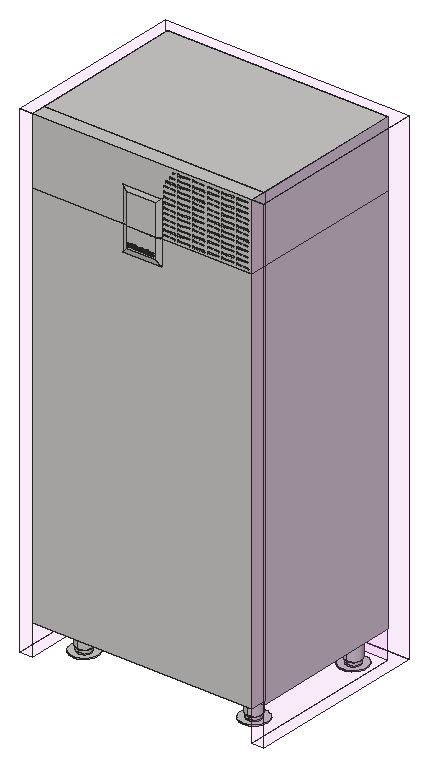
Revit family "QF_ELECTROLUXPROFESSIONAL_691393_PS09F1FMH", category Specialty Equipment, Revit 2021
Family settings
  Round Connector Dimension = Use Diameter
  Part Type = Normal
  Work Plane-Based = No
  Always vertical = Yes
  Cut with Voids When Loaded = No
  Shared = No
  Room Calculation Point = No
Parameters
  Weight = 110.00 lbm
  Watts = 0 W
  Volts = 220 V
  URL Manufacturer = "http://www.electroluxprofessional.com"
  URL = "http://www.electroluxprofessional.com"
  Steam Supply Size = 0"
  Steam Supply Minimum Pressure = 0.00 psi
  Steam Supply Maximum Pressure = 0.00 psi
  Steam Pounds per Hour = 0
  Show Clearance [instance] = yes
  Refrigeration Suction Line Size = 0"
  Refrigeration Liquid Line Size = 0"
  Refrigerant Compressor Remote = yes
  Phase = 1
  Model = "PS09F1FMH"
  Manufacturer = "Electrolux Professional"
  Length Actual = 900 mm
  Item Number = "691393"
  Hot Water Size = 0"
  Height Actual = 2040 mm
  HP = "0.7 HP"
  Gas Size = 0"
  Gas KW = 0
  Gas Input Pressure = 0.0 Btu/h
  Direct Waste Size = 0"
  Description = "1-DOOR FREEZER 720L -15/-22°C, PROSTORE, R290, MARINE "
  Depth Actual = 700 mm
  Default Elevation = 0 mm
  Cycle = 50 Hz
  Condensate Return Size = 0"
  Compressed Air Volume = 0 GPM
  Compressed Air Size = 0"
  Compressed Air Pressure = 0.00 psi
  Cold Water Size = 0"
  Accessory = no
Reference planes
  plane 1 "BACK": y = 0
  plane 2: z = 0
  plane 3 "LEFT": x = 0
  plane 4 "RIGHT": x = 900
  plane 5 "FRONT": y = -700
  plane 6 "TOP": z = 2040
  plane 7 "Center Y": x = 450
  plane 8 "Center X": y = -350
  plane 9: x = 102
  plane 10: x = 798
  plane 11: z = 115
  plane 12: z = 86
  plane 13: y = -80
  plane 14: y = -694
  plane 15: y = -1527
  plane 16: y = -630
  plane 17: z = 1770
  plane 18: x = -50
  plane 19: y = 50
  plane 20: x = 950
  plane 21: z = 1995
Forms (mm)
  Extrusion 1, solid, material "QF_Metal - Stainless - Polished"
    sketch origin (0, 0, 0) x (1, 0, 0) y (0, 0, 1)
      loop
        line (0, 1995) -> (0, 1725) -> (900, 1725) -> (900, 1995) -> (0, 1995)
    from 0 to 630
  Extrusion 2, solid, material "QF_Metal - Stainless - Polished"
    sketch origin (0, 0, 0) x (1, 0, 0) y (0, 0, 1)
      loop
        line (0, 1725) -> (0, 115) -> (900, 115) -> (900, 1725) -> (0, 1725)
    from 0 to 630
  Extrusion 3, solid, material "QF_Metal - Stainless - Polished"
    sketch origin (-370, 0, -128) x (1, 0, 0) y (0, 0, 1)
      loop
        circle (450, 1847.083) r 20
    from -7.507 to 0
  Extrusion 4, solid, material "QF_Door-Drawer Clearances", visible <- "Show Clearance", detail levels coarse
    sketch origin (0, 0, 0) x (1, 0, 0) y (0, 1, 0)
      loop
        line (900, -694) -> (0, -694)
        arc (0, -694) -> (275.209, -1299.35) -> (900, -1527) r 859.201
        line (900, -1527) -> (900, -694)
    from 127.536 to 1725
  Extrusion 5, solid, material "QF_Metal - Stainless - Polished"
    sketch origin (0, 130.478, -45) x (1, 0, 0) y (0, 0, 1)
      loop
        line (0, 2040) -> (0, 1770) -> (900, 1770) -> (900, 2040) -> (0, 2040)
    from 760.478 to 824.478
  Extrusion 6, solid, material "QF_Metal - Stainless - Polished"
    sketch origin (0, 140, 0) x (1, 0, 0) y (0, 0, 1)
      loop
        line (0, 1725) -> (0, 127.536) -> (900, 127.536) -> (900, 1725) -> (0, 1725)
    from 834 to 770
  Revolve 7, solid, material "QF_Metal - Stainless - Polished"
    sketch origin (798, -2.833, 0) x (0, 1, 0) y (0, 0, -1)
      loop
        line (-590.954, -115) -> (-553.167, -115) -> (-553.167, 0) -> (-578.757, 0)
        arc (-578.757, 0) -> (-580.973, -2.655) -> (-581.767, -6.021) r 7.527
        line (-581.767, -6.021) -> (-581.767, -17.561) -> (-585.28, -21.074) -> (-585.28, -110.008) -> (-590.954, -110.008) -> (-590.954, -115)
      axis (-553.167, 0) -> (-553.167, -115)
    angle from 0 to 360
  Revolve 8, solid, material "QF_Metal - Stainless - Polished"
    sketch origin (102, -2.833, 0) x (0, 1, 0) y (0, 0, 1)
      loop
        line (-590.954, 115) -> (-590.954, 110.008) -> (-585.28, 110.008) -> (-585.28, 21.074) -> (-581.767, 17.561) -> (-581.767, 6.021)
        arc (-581.767, 6.021) -> (-580.973, 2.655) -> (-578.757, 0) r 7.527
        line (-578.757, 0) -> (-553.167, 0) -> (-553.167, 115) -> (-590.954, 115)
      axis (-553.167, 0) -> (-553.167, 115)
    angle from 0 to 360
  Revolve 9, solid, material "QF_Metal - Stainless - Polished"
    sketch origin (824, -759.167, 0) x (0, -1, 0) y (0, 0, 1)
      loop
        line (-716.954, 115) -> (-716.954, 110.008) -> (-711.28, 110.008) -> (-711.28, 21.074) -> (-707.767, 17.561) -> (-707.767, 6.021)
        arc (-707.767, 6.021) -> (-706.973, 2.655) -> (-704.757, 0) r 7.527
        line (-704.757, 0) -> (-679.167, 0) -> (-679.167, 115) -> (-716.954, 115)
      axis (-679.167, 0) -> (-679.167, 115)
    angle from 0 to 360
  Revolve 10, solid, material "QF_Metal - Stainless - Polished"
    sketch origin (76, -759.167, 0) x (0, -1, 0) y (0, 0, 1)
      loop
        line (-716.954, 115) -> (-716.954, 110.008) -> (-711.28, 110.008) -> (-711.28, 21.074) -> (-707.767, 17.561) -> (-707.767, 6.021)
        arc (-707.767, 6.021) -> (-706.973, 2.655) -> (-704.757, 0) r 7.527
        line (-704.757, 0) -> (-679.167, 0) -> (-679.167, 115) -> (-716.954, 115)
      axis (-679.167, 0) -> (-679.167, 115)
    angle from 0 to 360
  Blend 11, solid, material "QF_Metal - Stainless - Polished"
    base sketch origin (0, -694, 0) x (1, 0, 0) y (0, 0, 1)
      loop
        line (370, 1869.822) -> (370, 1619.822) -> (530, 1619.822) -> (530, 1869.822) -> (370, 1869.822)
    top sketch origin (0, -694, 0) x (1, 0, 0) y (0, 0, 1)
      loop
        line (510, 1849.822) -> (390, 1849.822) -> (390, 1639.822) -> (510, 1639.822) -> (510, 1849.822)
    from 0 to 6
  Extrusion 12, void
    sketch origin (10, -700, 0) x (-1, 0, 0) y (0, 0, 1)
      loop
        line (-370, 1725.997) -> (-530, 1725.997) -> (-530, 1724.003) -> (-370, 1724.003) -> (-370, 1725.997)
    from 0 to 6
  Extrusion 13, solid, material "QF_Door-Drawer Clearances"
    sketch origin (0, 0, 0) x (1, 0, 0) y (0, 1, 0)
      loop
        line (0, -694) -> (0, 0) -> (900, 0) -> (900, -694) -> (950, -694) -> (950, 50) -> (-50, 50) -> (-50, -694) -> (0, -694)
    from 0 to 1995
  Extrusion 14, solid, material "QF_Metal - Stainless - Polished"
    sketch origin (102, -556, 0) x (0, -1, 0) y (-1, 0, 0)
      loop
        circle (0, 0) r 55.59
    from 0 to -1.917
  Extrusion 15, solid, material "QF_Metal - Stainless - Polished"
    sketch origin (76, -80, 0) x (0, -1, 0) y (-1, 0, 0)
      loop
        circle (0, 0) r 55.59
    from 0 to -1.917
  Extrusion 16, solid, material "QF_Metal - Stainless - Polished"
    sketch origin (798, -556, 0) x (0, 1, 0) y (1, 0, 0)
      loop
        circle (0, 0) r 55.59
    from 0 to -1.917
  Extrusion 17, solid, material "QF_Metal - Stainless - Polished"
    sketch origin (824, -80, 0) x (0, 1, 0) y (1, 0, 0)
      loop
        circle (0, 0) r 55.59
    from 0 to -1.917
  Extrusion 18, void
    sketch origin (-140, -700, 0) x (-1, 0, 0) y (0, 0, 1)
      loop
        line (-370, 1725.997) -> (-530, 1725.997) -> (-530, 1724.003) -> (-370, 1724.003) -> (-370, 1725.997)
    from 0 to 6
  Extrusion 19, void
    sketch origin (300, -694, -45) x (-1, 0, 0) y (0, 0, 1)
      loop
        line (-537.804, 1788.817) -> (-587.804, 1788.817) -> (-587.804, 1780.817) -> (-537.804, 1780.817) -> (-537.804, 1788.817)
      loop
        line (-477.804, 1788.817) -> (-527.804, 1788.817) -> (-527.804, 1780.817) -> (-477.804, 1780.817) -> (-477.804, 1788.817)
      loop
        line (-417.804, 1788.817) -> (-467.804, 1788.817) -> (-467.804, 1780.817) -> (-417.804, 1780.817) -> (-417.804, 1788.817)
    from 0 to 2
  Extrusion 20, void
    sketch origin (300, -694, 195) x (-1, 0, 0) y (0, 0, 1)
      loop
        line (-537.804, 1788.817) -> (-587.804, 1788.817) -> (-587.804, 1780.817) -> (-537.804, 1780.817) -> (-537.804, 1788.817)
      loop
        line (-477.804, 1788.817) -> (-527.804, 1788.817) -> (-527.804, 1780.817) -> (-477.804, 1780.817) -> (-477.804, 1788.817)
      loop
        line (-417.804, 1788.817) -> (-467.804, 1788.817) -> (-467.804, 1780.817) -> (-417.804, 1780.817) -> (-417.804, 1788.817)
    from 0 to 2
  Extrusion 21, void
    sketch origin (300, -694, -25) x (-1, 0, 0) y (0, 0, 1)
      loop
        line (-537.804, 1788.817) -> (-587.804, 1788.817) -> (-587.804, 1780.817) -> (-537.804, 1780.817) -> (-537.804, 1788.817)
      loop
        line (-477.804, 1788.817) -> (-527.804, 1788.817) -> (-527.804, 1780.817) -> (-477.804, 1780.817) -> (-477.804, 1788.817)
      loop
        line (-417.804, 1788.817) -> (-467.804, 1788.817) -> (-467.804, 1780.817) -> (-417.804, 1780.817) -> (-417.804, 1788.817)
    from 0 to 2
  Extrusion 22, void
    sketch origin (300, -694, -5) x (-1, 0, 0) y (0, 0, 1)
      loop
        line (-537.804, 1788.817) -> (-587.804, 1788.817) -> (-587.804, 1780.817) -> (-537.804, 1780.817) -> (-537.804, 1788.817)
      loop
        line (-477.804, 1788.817) -> (-527.804, 1788.817) -> (-527.804, 1780.817) -> (-477.804, 1780.817) -> (-477.804, 1788.817)
      loop
        line (-417.804, 1788.817) -> (-467.804, 1788.817) -> (-467.804, 1780.817) -> (-417.804, 1780.817) -> (-417.804, 1788.817)
    from 0 to 2
  Extrusion 23, void
    sketch origin (300, -694, 15) x (-1, 0, 0) y (0, 0, 1)
      loop
        line (-537.804, 1788.817) -> (-587.804, 1788.817) -> (-587.804, 1780.817) -> (-537.804, 1780.817) -> (-537.804, 1788.817)
      loop
        line (-477.804, 1788.817) -> (-527.804, 1788.817) -> (-527.804, 1780.817) -> (-477.804, 1780.817) -> (-477.804, 1788.817)
      loop
        line (-417.804, 1788.817) -> (-467.804, 1788.817) -> (-467.804, 1780.817) -> (-417.804, 1780.817) -> (-417.804, 1788.817)
    from 0 to 2
  Extrusion 24, void
    sketch origin (300, -694, 35) x (-1, 0, 0) y (0, 0, 1)
      loop
        line (-537.804, 1788.817) -> (-587.804, 1788.817) -> (-587.804, 1780.817) -> (-537.804, 1780.817) -> (-537.804, 1788.817)
      loop
        line (-477.804, 1788.817) -> (-527.804, 1788.817) -> (-527.804, 1780.817) -> (-477.804, 1780.817) -> (-477.804, 1788.817)
      loop
        line (-417.804, 1788.817) -> (-467.804, 1788.817) -> (-467.804, 1780.817) -> (-417.804, 1780.817) -> (-417.804, 1788.817)
    from 0 to 2
  Extrusion 25, void
    sketch origin (300, -694, 55) x (-1, 0, 0) y (0, 0, 1)
      loop
        line (-537.804, 1788.817) -> (-587.804, 1788.817) -> (-587.804, 1780.817) -> (-537.804, 1780.817) -> (-537.804, 1788.817)
      loop
        line (-477.804, 1788.817) -> (-527.804, 1788.817) -> (-527.804, 1780.817) -> (-477.804, 1780.817) -> (-477.804, 1788.817)
      loop
        line (-417.804, 1788.817) -> (-467.804, 1788.817) -> (-467.804, 1780.817) -> (-417.804, 1780.817) -> (-417.804, 1788.817)
    from 0 to 2
  Extrusion 26, void
    sketch origin (300, -694, 75) x (-1, 0, 0) y (0, 0, 1)
      loop
        line (-537.804, 1788.817) -> (-587.804, 1788.817) -> (-587.804, 1780.817) -> (-537.804, 1780.817) -> (-537.804, 1788.817)
      loop
        line (-477.804, 1788.817) -> (-527.804, 1788.817) -> (-527.804, 1780.817) -> (-477.804, 1780.817) -> (-477.804, 1788.817)
      loop
        line (-417.804, 1788.817) -> (-467.804, 1788.817) -> (-467.804, 1780.817) -> (-417.804, 1780.817) -> (-417.804, 1788.817)
    from 0 to 2
  Extrusion 27, void
    sketch origin (300, -694, 95) x (-1, 0, 0) y (0, 0, 1)
      loop
        line (-537.804, 1788.817) -> (-587.804, 1788.817) -> (-587.804, 1780.817) -> (-537.804, 1780.817) -> (-537.804, 1788.817)
      loop
        line (-477.804, 1788.817) -> (-527.804, 1788.817) -> (-527.804, 1780.817) -> (-477.804, 1780.817) -> (-477.804, 1788.817)
      loop
        line (-417.804, 1788.817) -> (-467.804, 1788.817) -> (-467.804, 1780.817) -> (-417.804, 1780.817) -> (-417.804, 1788.817)
    from 0 to 2
  Extrusion 28, void
    sketch origin (300, -694, 115) x (-1, 0, 0) y (0, 0, 1)
      loop
        line (-537.804, 1788.817) -> (-587.804, 1788.817) -> (-587.804, 1780.817) -> (-537.804, 1780.817) -> (-537.804, 1788.817)
      loop
        line (-477.804, 1788.817) -> (-527.804, 1788.817) -> (-527.804, 1780.817) -> (-477.804, 1780.817) -> (-477.804, 1788.817)
      loop
        line (-417.804, 1788.817) -> (-467.804, 1788.817) -> (-467.804, 1780.817) -> (-417.804, 1780.817) -> (-417.804, 1788.817)
    from 0 to 2
  Extrusion 29, void
    sketch origin (300, -694, 135) x (-1, 0, 0) y (0, 0, 1)
      loop
        line (-537.804, 1788.817) -> (-587.804, 1788.817) -> (-587.804, 1780.817) -> (-537.804, 1780.817) -> (-537.804, 1788.817)
      loop
        line (-477.804, 1788.817) -> (-527.804, 1788.817) -> (-527.804, 1780.817) -> (-477.804, 1780.817) -> (-477.804, 1788.817)
      loop
        line (-417.804, 1788.817) -> (-467.804, 1788.817) -> (-467.804, 1780.817) -> (-417.804, 1780.817) -> (-417.804, 1788.817)
    from 0 to 2
  Extrusion 30, void
    sketch origin (300, -694, 155) x (-1, 0, 0) y (0, 0, 1)
      loop
        line (-537.804, 1788.817) -> (-587.804, 1788.817) -> (-587.804, 1780.817) -> (-537.804, 1780.817) -> (-537.804, 1788.817)
      loop
        line (-477.804, 1788.817) -> (-527.804, 1788.817) -> (-527.804, 1780.817) -> (-477.804, 1780.817) -> (-477.804, 1788.817)
      loop
        line (-417.804, 1788.817) -> (-467.804, 1788.817) -> (-467.804, 1780.817) -> (-417.804, 1780.817) -> (-417.804, 1788.817)
    from 0 to 2
  Extrusion 31, void
    sketch origin (300, -694, 175) x (-1, 0, 0) y (0, 0, 1)
      loop
        line (-537.804, 1788.817) -> (-587.804, 1788.817) -> (-587.804, 1780.817) -> (-537.804, 1780.817) -> (-537.804, 1788.817)
      loop
        line (-477.804, 1788.817) -> (-527.804, 1788.817) -> (-527.804, 1780.817) -> (-477.804, 1780.817) -> (-477.804, 1788.817)
      loop
        line (-417.804, 1788.817) -> (-467.804, 1788.817) -> (-467.804, 1780.817) -> (-417.804, 1780.817) -> (-417.804, 1788.817)
    from 0 to 2
  Extrusion 32, void
    sketch origin (120, -694, -45) x (-1, 0, 0) y (0, 0, 1)
      loop
        line (-537.804, 1788.817) -> (-587.804, 1788.817) -> (-587.804, 1780.817) -> (-537.804, 1780.817) -> (-537.804, 1788.817)
      loop
        line (-477.804, 1788.817) -> (-527.804, 1788.817) -> (-527.804, 1780.817) -> (-477.804, 1780.817) -> (-477.804, 1788.817)
      loop
        line (-417.804, 1788.817) -> (-467.804, 1788.817) -> (-467.804, 1780.817) -> (-417.804, 1780.817) -> (-417.804, 1788.817)
    from 0 to 2
  Extrusion 33, void
    sketch origin (120, -694, 195) x (-1, 0, 0) y (0, 0, 1)
      loop
        line (-537.804, 1788.817) -> (-587.804, 1788.817) -> (-587.804, 1780.817) -> (-537.804, 1780.817) -> (-537.804, 1788.817)
      loop
        line (-477.804, 1788.817) -> (-527.804, 1788.817) -> (-527.804, 1780.817) -> (-477.804, 1780.817) -> (-477.804, 1788.817)
      loop
        line (-453.929, 1788.817) -> (-467.804, 1788.817) -> (-467.804, 1780.817) -> (-453.929, 1780.817) -> (-453.929, 1788.817)
    from 0 to 2
  Extrusion 34, void
    sketch origin (120, -694, -25) x (-1, 0, 0) y (0, 0, 1)
      loop
        line (-537.804, 1788.817) -> (-587.804, 1788.817) -> (-587.804, 1780.817) -> (-537.804, 1780.817) -> (-537.804, 1788.817)
      loop
        line (-477.804, 1788.817) -> (-527.804, 1788.817) -> (-527.804, 1780.817) -> (-477.804, 1780.817) -> (-477.804, 1788.817)
      loop
        line (-417.804, 1788.817) -> (-467.804, 1788.817) -> (-467.804, 1780.817) -> (-417.804, 1780.817) -> (-417.804, 1788.817)
    from 0 to 2
  Extrusion 35, void
    sketch origin (120, -694, -5) x (-1, 0, 0) y (0, 0, 1)
      loop
        line (-537.804, 1788.817) -> (-587.804, 1788.817) -> (-587.804, 1780.817) -> (-537.804, 1780.817) -> (-537.804, 1788.817)
      loop
        line (-477.804, 1788.817) -> (-527.804, 1788.817) -> (-527.804, 1780.817) -> (-477.804, 1780.817) -> (-477.804, 1788.817)
      loop
        line (-417.804, 1788.817) -> (-467.804, 1788.817) -> (-467.804, 1780.817) -> (-417.804, 1780.817) -> (-417.804, 1788.817)
    from 0 to 2
  Extrusion 36, void
    sketch origin (120, -694, 15) x (-1, 0, 0) y (0, 0, 1)
      loop
        line (-537.804, 1788.817) -> (-587.804, 1788.817) -> (-587.804, 1780.817) -> (-537.804, 1780.817) -> (-537.804, 1788.817)
      loop
        line (-477.804, 1788.817) -> (-527.804, 1788.817) -> (-527.804, 1780.817) -> (-477.804, 1780.817) -> (-477.804, 1788.817)
      loop
        line (-417.804, 1788.817) -> (-467.804, 1788.817) -> (-467.804, 1780.817) -> (-417.804, 1780.817) -> (-417.804, 1788.817)
    from 0 to 2
  Extrusion 37, void
    sketch origin (120, -694, 35) x (-1, 0, 0) y (0, 0, 1)
      loop
        line (-537.804, 1788.817) -> (-587.804, 1788.817) -> (-587.804, 1780.817) -> (-537.804, 1780.817) -> (-537.804, 1788.817)
      loop
        line (-477.804, 1788.817) -> (-527.804, 1788.817) -> (-527.804, 1780.817) -> (-477.804, 1780.817) -> (-477.804, 1788.817)
      loop
        line (-417.804, 1788.817) -> (-467.804, 1788.817) -> (-467.804, 1780.817) -> (-417.804, 1780.817) -> (-417.804, 1788.817)
    from 0 to 2
  Extrusion 38, void
    sketch origin (120, -694, 55) x (-1, 0, 0) y (0, 0, 1)
      loop
        line (-537.804, 1788.817) -> (-587.804, 1788.817) -> (-587.804, 1780.817) -> (-537.804, 1780.817) -> (-537.804, 1788.817)
      loop
        line (-477.804, 1788.817) -> (-527.804, 1788.817) -> (-527.804, 1780.817) -> (-477.804, 1780.817) -> (-477.804, 1788.817)
      loop
        line (-417.804, 1788.817) -> (-467.804, 1788.817) -> (-467.804, 1780.817) -> (-417.804, 1780.817) -> (-417.804, 1788.817)
    from 0 to 2
  Extrusion 39, void
    sketch origin (120, -694, 75) x (-1, 0, 0) y (0, 0, 1)
      loop
        line (-537.804, 1788.817) -> (-587.804, 1788.817) -> (-587.804, 1780.817) -> (-537.804, 1780.817) -> (-537.804, 1788.817)
      loop
        line (-477.804, 1788.817) -> (-527.804, 1788.817) -> (-527.804, 1780.817) -> (-477.804, 1780.817) -> (-477.804, 1788.817)
      loop
        line (-417.804, 1788.817) -> (-467.804, 1788.817) -> (-467.804, 1780.817) -> (-417.804, 1780.817) -> (-417.804, 1788.817)
    from 0 to 2
  Extrusion 40, void
    sketch origin (120, -694, 95) x (-1, 0, 0) y (0, 0, 1)
      loop
        line (-537.804, 1788.817) -> (-587.804, 1788.817) -> (-587.804, 1780.817) -> (-537.804, 1780.817) -> (-537.804, 1788.817)
      loop
        line (-477.804, 1788.817) -> (-527.804, 1788.817) -> (-527.804, 1780.817) -> (-477.804, 1780.817) -> (-477.804, 1788.817)
      loop
        line (-417.804, 1788.817) -> (-467.804, 1788.817) -> (-467.804, 1780.817) -> (-417.804, 1780.817) -> (-417.804, 1788.817)
    from 0 to 2
  Extrusion 41, void
    sketch origin (120, -694, 115) x (-1, 0, 0) y (0, 0, 1)
      loop
        line (-537.804, 1788.817) -> (-587.804, 1788.817) -> (-587.804, 1780.817) -> (-537.804, 1780.817) -> (-537.804, 1788.817)
      loop
        line (-477.804, 1788.817) -> (-527.804, 1788.817) -> (-527.804, 1780.817) -> (-477.804, 1780.817) -> (-477.804, 1788.817)
      loop
        line (-417.804, 1788.817) -> (-467.804, 1788.817) -> (-467.804, 1780.817) -> (-417.804, 1780.817) -> (-417.804, 1788.817)
    from 0 to 2
  Extrusion 42, void
    sketch origin (120, -694, 135) x (-1, 0, 0) y (0, 0, 1)
      loop
        line (-537.804, 1788.817) -> (-587.804, 1788.817) -> (-587.804, 1780.817) -> (-537.804, 1780.817) -> (-537.804, 1788.817)
      loop
        line (-477.804, 1788.817) -> (-527.804, 1788.817) -> (-527.804, 1780.817) -> (-477.804, 1780.817) -> (-477.804, 1788.817)
      loop
        line (-417.804, 1788.817) -> (-467.804, 1788.817) -> (-467.804, 1780.817) -> (-417.804, 1780.817) -> (-417.804, 1788.817)
    from 0 to 2
  Extrusion 43, void
    sketch origin (120, -694, 155) x (-1, 0, 0) y (0, 0, 1)
      loop
        line (-537.804, 1788.817) -> (-587.804, 1788.817) -> (-587.804, 1780.817) -> (-537.804, 1780.817) -> (-537.804, 1788.817)
      loop
        line (-477.804, 1788.817) -> (-527.804, 1788.817) -> (-527.804, 1780.817) -> (-477.804, 1780.817) -> (-477.804, 1788.817)
      loop
        line (-426.702, 1788.817) -> (-467.804, 1788.817) -> (-467.804, 1780.817) -> (-426.702, 1780.817) -> (-426.702, 1788.817)
    from 0 to 2
  Extrusion 44, void
    sketch origin (120, -694, 175) x (-1, 0, 0) y (0, 0, 1)
      loop
        line (-537.804, 1788.817) -> (-587.804, 1788.817) -> (-587.804, 1780.817) -> (-537.804, 1780.817) -> (-537.804, 1788.817)
      loop
        line (-477.804, 1788.817) -> (-527.804, 1788.817) -> (-527.804, 1780.817) -> (-477.804, 1780.817) -> (-477.804, 1788.817)
      loop
        line (-441.24, 1788.817) -> (-467.804, 1788.817) -> (-467.804, 1780.817) -> (-441.24, 1780.817) -> (-441.24, 1788.817)
    from 0 to 2
Cuts and joins
  Extrusion 12 cuts Extrusion 1
  Extrusion 12 cuts Extrusion 2
  Extrusion 12, Extrusion 18, Extrusion 19, Extrusion 20, Extrusion 21, Extrusion 22, Extrusion 23, Extrusion 24, Extrusion 25, Extrusion 26, Extrusion 27, Extrusion 28, Extrusion 29, Extrusion 30, Extrusion 31, Extrusion 32, Extrusion 33, Extrusion 34, Extrusion 35, Extrusion 36, Extrusion 37, Extrusion 38, Extrusion 39, Extrusion 40, Extrusion 41, Extrusion 42, Extrusion 43, Extrusion 44 cuts Extrusion 5
  Extrusion 12, Extrusion 18 cuts Extrusion 6
  Extrusion 12, Extrusion 18, Extrusion 19, Extrusion 21, Extrusion 22, Extrusion 23, Extrusion 24, Extrusion 25, Extrusion 26 cuts Blend 11
  Extrusion 18 cuts Extrusion 4
Lines and regions (mm)
  Split face 1
    outline origin (0, -700, 0) x (1, 0, 0) y (0, 0, 1)
      loop
        line (415, 1849.822) -> (415, 1697.499) -> (485, 1697.499) -> (485, 1849.822)
  symbolic lines
    curve 1: line (0, 0, 0) -> (900, 0, 0)
    curve 2: line (0, -694, 0) -> (0, 0, 0)
    curve 3: line (900, -694, 0) -> (0, -694, 0)
    curve 4: line (900, 0, 0) -> (900, -694, 0)
    curve 5: line (0, -630, 0) -> (900, -630, 0)
    curve 6: line (370, -694, 0) -> (390, -700, 0)
    curve 7: line (390, -700, 0) -> (510, -700, 0)
    curve 8: line (510, -700, 0) -> (530, -694, 0)
  symbolic lines, style "QF_Door-Drawer Clearances"
    curve 9: arc (0, -694, 0) -> (275.209, -1299.35, 0) -> (900, -1527, 0) r 859.201
    curve 10: line (900, -1527, 0) -> (900, -694, 0)
    curve 11: line (0, -694, 0) -> (-50, -694, 0)
    curve 12: line (-50, -694, 0) -> (-50, 50, 0)
    curve 13: line (-50, 50, 0) -> (950, 50, 0)
    curve 14: line (950, 50, 0) -> (950, -694, 0)
    curve 15: line (950, -694, 0) -> (900, -694, 0)
Dimensions and locks
  equal spacing: plane 3 "LEFT", plane 7 "Center Y", plane 4 "RIGHT"
  plane 3 "LEFT" to plane 4 "RIGHT" = 900 mm
  equal spacing: plane 5 "FRONT", plane 8 "Center X", plane 1 "BACK"
  plane 5 "FRONT" to plane 1 "BACK" = 700 mm
  plane 6 "TOP" to level = 2040 mm
  plane 9 to plane 3 "LEFT" = 102 mm
  plane 10 to plane 4 "RIGHT" = 102 mm
  plane 10 to plane 9 = 696 mm
  plane 11 to level = 115 mm
  plane 12 to plane 11 = 29 mm
  plane 1 "BACK" to plane 13 = 80 mm
  plane 15 to plane 1 "BACK" = 1527 mm
  plane 3 "LEFT" to Extrusion 4 = 900 mm
  plane 11 to plane 2 = 115 mm
  plane 1 "BACK" to plane 16 = 630 mm
  plane 18 to plane 3 "LEFT" = 50 mm
  plane 4 "RIGHT" to plane 20 = 50 mm
  plane 1 "BACK" to plane 19 = 50 mm
  plane 21 to level = 1995 mm
  aligned and locked: level to plane 2
  aligned and locked: Extrusion 5 to plane 4 "RIGHT"
  aligned and locked: Extrusion 5 to plane 3 "LEFT"
  aligned and locked: plane 5 "FRONT" to Blend 11
Automatic sketch dimensions
  curve 13 to plane 18 = 0 mm
  curve 3 to plane 3 "LEFT" = 0 mm
  plane 14 to curve 6 = 0 mm
  plane 5 "FRONT" to curve 7 = 0 mm
  curve 9 to plane 4 "RIGHT" = 0 mm
  curve 5 to plane 4 "RIGHT" = 0 mm
  curve 14 to plane 20 = 0 mm
  curve 10 to plane 15 = 0 mm
  curve 5 to plane 16 = 0 mm
  plane 1 "BACK" to curve 4 = 0 mm
  curve 13 to plane 19 = 0 mm
  curve 7 to plane 7 "Center Y" = 60 mm
  plane 7 "Center Y" to curve 8 = 60 mm
  curve 9 to plane 14 = 25.214 mm
  curve 6 to curve 6 = 20 mm
  curve 7 to curve 8 = 20 mm
  Extrusion 1 sketch curve to plane 3 "LEFT" = 0 mm
  plane 4 "RIGHT" to Extrusion 1 sketch curve = 0 mm
  Extrusion 1 sketch curve to plane 21 = 0 mm
  Extrusion 1 sketch curve to plane 17 = 45 mm
  Extrusion 2 sketch curve to plane 3 "LEFT" = 0 mm
  plane 4 "RIGHT" to Extrusion 2 sketch curve = 0 mm
  Extrusion 2 sketch curve to plane 11 = 0 mm
  Extrusion 2 sketch curve to plane 17 = 45 mm
  Extrusion 3 sketch curve to plane 9 = 22 mm
  Extrusion 3 sketch curve to plane 17 = 50.917 mm
  Extrusion 4 sketch curve to plane 3 "LEFT" = 0 mm
  Extrusion 4 sketch curve to plane 4 "RIGHT" = 0 mm
  Extrusion 4 sketch curve to plane 15 = 0 mm
  plane 14 to Extrusion 4 sketch curve = 0 mm
  Extrusion 4 sketch curve to plane 14 = 25.214 mm
  Extrusion 5 sketch curve to plane 3 "LEFT" = 0 mm
  plane 4 "RIGHT" to Extrusion 5 sketch curve = 0 mm
  Extrusion 5 sketch curve to plane 21 = 0 mm
  Extrusion 5 sketch curve to plane 17 = 45 mm
  Extrusion 6 sketch curve to plane 3 "LEFT" = 0 mm
  plane 4 "RIGHT" to Extrusion 6 sketch curve = 0 mm
  plane 11 to Extrusion 6 sketch curve = 12.536 mm
  Extrusion 6 sketch curve to plane 17 = 45 mm
  plane 11 to Revolve 7 sketch curve = 0 mm
  Revolve 7 sketch curve to level = 0 mm
  plane 16 to Revolve 7 sketch curve = 36.213 mm
  Revolve 7 sketch curve to Revolve 7 sketch curve = 5.674 mm
  Revolve 7 sketch curve to Revolve 7 sketch curve = 3.513 mm  (x2)
  Revolve 7 sketch curve to Revolve 7 sketch curve = 3.01 mm
  level to Revolve 7 sketch curve = 6.021 mm
  Revolve 7 sketch curve to Revolve 7 sketch curve = 21.073 mm
  Revolve 7 sketch curve to plane 11 = 4.992 mm  (x2)
  Revolve 7 sketch curve to Revolve 7 sketch curve = 15.053 mm
  Revolve 7 sketch curve to Revolve 7 sketch curve = 0 mm
  Revolve 7 sketch curve to Revolve 7 sketch curve = 20.008 mm
  Revolve 8 sketch curve to plane 11 = 0 mm
  Revolve 8 sketch curve to level = 0 mm
  plane 16 to Revolve 8 sketch curve = 36.213 mm
  Revolve 8 sketch curve to Revolve 8 sketch curve = 5.674 mm
  Revolve 8 sketch curve to Revolve 8 sketch curve = 3.513 mm  (x2)
  Revolve 8 sketch curve to Revolve 8 sketch curve = 3.01 mm
  level to Revolve 8 sketch curve = 6.021 mm
  Revolve 8 sketch curve to Revolve 8 sketch curve = 21.073 mm
  Revolve 8 sketch curve to Revolve 8 sketch curve = 11.54 mm
  Revolve 8 sketch curve to plane 11 = 4.992 mm
  Revolve 8 sketch curve to Revolve 8 sketch curve = 0 mm
  Revolve 8 sketch curve to Revolve 8 sketch curve = 4.992 mm
  plane 11 to Revolve 8 sketch curve = 20.008 mm
  Revolve 9 sketch curve to plane 11 = 0 mm
  Revolve 9 sketch curve to level = 0 mm
  Revolve 9 sketch curve to plane 13 = 0 mm  (x2)
  level to Revolve 9 sketch curve = 6.021 mm
  Revolve 9 sketch curve to plane 13 = 21.073 mm
  Revolve 9 sketch curve to Revolve 9 sketch curve = 4.517 mm
  Revolve 9 sketch curve to Revolve 9 sketch curve = 3.513 mm  (x2)
  Revolve 9 sketch curve to Revolve 9 sketch curve = 5.674 mm
  Revolve 9 sketch curve to Revolve 9 sketch curve = 11.54 mm
  Revolve 9 sketch curve to plane 11 = 4.992 mm
  Revolve 9 sketch curve to Revolve 9 sketch curve = 4.992 mm
  plane 11 to Revolve 9 sketch curve = 20.008 mm
  Revolve 10 sketch curve to plane 11 = 0 mm
  Revolve 10 sketch curve to level = 0 mm
  Revolve 10 sketch curve to plane 13 = 0 mm  (x2)
  Revolve 10 sketch curve to level = 6.021 mm
  plane 13 to Revolve 10 sketch curve = 21.073 mm
  Revolve 10 sketch curve to Revolve 10 sketch curve = 4.517 mm
  Revolve 10 sketch curve to Revolve 10 sketch curve = 3.513 mm  (x2)
  Revolve 10 sketch curve to Revolve 10 sketch curve = 5.674 mm
  Revolve 10 sketch curve to Revolve 10 sketch curve = 11.54 mm
  plane 11 to Revolve 10 sketch curve = 4.992 mm  (x2)
  Revolve 10 sketch curve to Revolve 10 sketch curve = 20.008 mm
  Blend 11 sketch curve to Extrusion 6 = 105.178 mm
  Blend 11 sketch curve to Extrusion 6 = 370 mm
  Blend 11 sketch curve to Blend 11 sketch curve = 160 mm
  Extrusion 6 to Blend 11 sketch curve = 144.822 mm
  Extrusion 6 to Blend 11 sketch curve = 124.822 mm
  Blend 11 sketch curve to Extrusion 6 = 390 mm
  Blend 11 sketch curve to Blend 11 sketch curve = 120 mm
  Blend 11 sketch curve to Extrusion 6 = 85.178 mm
  Split face 1 sketch curve to Blend 11 = 0 mm  (x2)
  Split face 1 sketch curve to Blend 11 = 25 mm  (x2)
  Split face 1 sketch curve to Blend 11 = 57.677 mm
  Extrusion 12 sketch curve to Blend 11 = 30 mm
  Extrusion 12 sketch curve to Blend 11 = 10 mm
  Blend 11 to Extrusion 12 sketch curve = 84.181 mm
  Extrusion 12 sketch curve to Extrusion 12 sketch curve = 1.995 mm
  plane 14 to Extrusion 13 sketch curve = 0 mm  (x2)
  Extrusion 13 sketch curve to plane 18 = 0 mm
  Extrusion 13 sketch curve to plane 3 "LEFT" = 0 mm
  Extrusion 13 sketch curve to plane 4 "RIGHT" = 0 mm
  Extrusion 13 sketch curve to plane 19 = 0 mm
  Extrusion 13 sketch curve to plane 20 = 0 mm
  plane 1 "BACK" to Extrusion 13 sketch curve = 0 mm
  Extrusion 14 sketch curve to Extrusion 14 sketch curve = 0 mm  (x2)
  Extrusion 14 sketch curve to plane 9 = 0 mm
  plane 16 to Extrusion 14 sketch curve = 74 mm
  Extrusion 14 sketch curve to Extrusion 14 sketch curve = 55.59 mm
  Extrusion 15 sketch curve to Extrusion 15 sketch curve = 0 mm  (x2)
  plane 13 to Extrusion 15 sketch curve = 0 mm
  Extrusion 15 sketch curve to plane 9 = 26 mm
  plane 1 "BACK" to Extrusion 15 sketch curve = 24.41 mm
  Extrusion 16 sketch curve to Extrusion 16 sketch curve = 0 mm  (x2)
  Extrusion 16 sketch curve to plane 10 = 0 mm
  plane 16 to Extrusion 16 sketch curve = 74 mm
  plane 16 to Extrusion 16 sketch curve = 18.41 mm
  Extrusion 17 sketch curve to Extrusion 17 sketch curve = 0 mm  (x2)
  plane 13 to Extrusion 17 sketch curve = 0 mm
  Extrusion 17 sketch curve to plane 10 = 26 mm
  Extrusion 17 sketch curve to Extrusion 17 sketch curve = 55.59 mm
  Extrusion 18 sketch curve to plane 7 "Center Y" = 60 mm
  Extrusion 18 sketch curve to plane 17 = 45.997 mm
  plane 9 to Extrusion 18 sketch curve = 128 mm
  Extrusion 18 sketch curve to Extrusion 18 sketch curve = 1.995 mm
  plane 4 "RIGHT" to Extrusion 19 sketch curve = 12.196 mm
  Extrusion 19 sketch curve to plane 10 = 39.804 mm
  Extrusion 19 sketch curve to Extrusion 19 sketch curve = 10 mm  (x2)
  plane 10 to Extrusion 19 sketch curve = 20.196 mm
  Extrusion 19 sketch curve to Extrusion 19 sketch curve = 50 mm
  Extrusion 19 sketch curve to plane 17 = 34.183 mm  (x2)
  Extrusion 19 sketch curve to Extrusion 19 sketch curve = 0 mm
  Extrusion 19 sketch curve to Extrusion 19 sketch curve = 8 mm  (x3)
  plane 4 "RIGHT" to Extrusion 20 sketch curve = 12.196 mm
  Extrusion 20 sketch curve to plane 10 = 39.804 mm
  Extrusion 20 sketch curve to Extrusion 20 sketch curve = 10 mm  (x2)
  plane 10 to Extrusion 20 sketch curve = 20.196 mm
  Extrusion 20 sketch curve to Extrusion 20 sketch curve = 50 mm
  Extrusion 20 sketch curve to plane 21 = 19.183 mm  (x2)
  Extrusion 20 sketch curve to Extrusion 20 sketch curve = 0 mm
  Extrusion 20 sketch curve to Extrusion 20 sketch curve = 8 mm  (x3)
  Extrusion 21 sketch curve to plane 17 = 6.183 mm  (x3)
  plane 4 "RIGHT" to Extrusion 21 sketch curve = 12.196 mm
  Extrusion 21 sketch curve to plane 17 = 14.183 mm  (x3)
  Extrusion 21 sketch curve to plane 10 = 39.804 mm
  Extrusion 21 sketch curve to Extrusion 21 sketch curve = 10 mm  (x2)
  plane 10 to Extrusion 21 sketch curve = 20.196 mm
  Extrusion 21 sketch curve to Extrusion 21 sketch curve = 50 mm
  plane 4 "RIGHT" to Extrusion 22 sketch curve = 12.196 mm
  plane 17 to Extrusion 22 sketch curve = 5.817 mm  (x3)
  Extrusion 22 sketch curve to plane 10 = 39.804 mm
  Extrusion 22 sketch curve to Extrusion 22 sketch curve = 10 mm  (x2)
  plane 10 to Extrusion 22 sketch curve = 20.196 mm
  Extrusion 22 sketch curve to Extrusion 22 sketch curve = 50 mm
  Extrusion 22 sketch curve to Extrusion 22 sketch curve = 8 mm  (x3)
  plane 4 "RIGHT" to Extrusion 23 sketch curve = 12.196 mm
  Extrusion 23 sketch curve to plane 10 = 39.804 mm
  Extrusion 23 sketch curve to Extrusion 23 sketch curve = 10 mm  (x2)
  plane 10 to Extrusion 23 sketch curve = 20.196 mm
  Extrusion 23 sketch curve to Extrusion 23 sketch curve = 50 mm
  plane 17 to Extrusion 23 sketch curve = 25.817 mm  (x2)
  Extrusion 23 sketch curve to Extrusion 23 sketch curve = 0 mm
  Extrusion 23 sketch curve to Extrusion 23 sketch curve = 8 mm  (x3)
  plane 4 "RIGHT" to Extrusion 24 sketch curve = 12.196 mm
  Extrusion 24 sketch curve to plane 10 = 39.804 mm
  Extrusion 24 sketch curve to Extrusion 24 sketch curve = 10 mm  (x2)
  plane 10 to Extrusion 24 sketch curve = 20.196 mm
  Extrusion 24 sketch curve to Extrusion 24 sketch curve = 50 mm
  plane 17 to Extrusion 24 sketch curve = 45.817 mm  (x2)
  Extrusion 24 sketch curve to Extrusion 24 sketch curve = 0 mm
  Extrusion 24 sketch curve to Extrusion 24 sketch curve = 8 mm  (x3)
  plane 4 "RIGHT" to Extrusion 25 sketch curve = 12.196 mm
  Extrusion 25 sketch curve to plane 10 = 39.804 mm
  Extrusion 25 sketch curve to Extrusion 25 sketch curve = 10 mm  (x2)
  plane 10 to Extrusion 25 sketch curve = 20.196 mm
  Extrusion 25 sketch curve to Extrusion 25 sketch curve = 50 mm
  plane 17 to Extrusion 25 sketch curve = 65.817 mm
  Extrusion 25 sketch curve to Extrusion 25 sketch curve = 0 mm  (x2)
  Extrusion 25 sketch curve to Extrusion 25 sketch curve = 8 mm  (x3)
  plane 4 "RIGHT" to Extrusion 26 sketch curve = 12.196 mm
  Extrusion 26 sketch curve to plane 10 = 39.804 mm
  Extrusion 26 sketch curve to Extrusion 26 sketch curve = 10 mm  (x2)
  plane 10 to Extrusion 26 sketch curve = 20.196 mm
  Extrusion 26 sketch curve to Extrusion 26 sketch curve = 50 mm
  plane 17 to Extrusion 26 sketch curve = 85.817 mm
  Extrusion 26 sketch curve to Extrusion 26 sketch curve = 0 mm  (x2)
  Extrusion 26 sketch curve to Extrusion 26 sketch curve = 8 mm  (x3)
  plane 4 "RIGHT" to Extrusion 27 sketch curve = 12.196 mm
  Extrusion 27 sketch curve to plane 10 = 39.804 mm
  Extrusion 27 sketch curve to Extrusion 27 sketch curve = 10 mm  (x2)
  plane 10 to Extrusion 27 sketch curve = 20.196 mm
  Extrusion 27 sketch curve to Extrusion 27 sketch curve = 50 mm
  plane 17 to Extrusion 27 sketch curve = 105.817 mm
  Extrusion 27 sketch curve to Extrusion 27 sketch curve = 0 mm  (x2)
  Extrusion 27 sketch curve to Extrusion 27 sketch curve = 8 mm  (x3)
  plane 4 "RIGHT" to Extrusion 28 sketch curve = 12.196 mm
  Extrusion 28 sketch curve to plane 10 = 39.804 mm
  Extrusion 28 sketch curve to Extrusion 28 sketch curve = 10 mm  (x2)
  plane 10 to Extrusion 28 sketch curve = 20.196 mm
  Extrusion 28 sketch curve to Extrusion 28 sketch curve = 50 mm
  Extrusion 28 sketch curve to plane 21 = 99.183 mm
  Extrusion 28 sketch curve to Extrusion 28 sketch curve = 0 mm  (x2)
  Extrusion 28 sketch curve to Extrusion 28 sketch curve = 8 mm  (x3)
  plane 4 "RIGHT" to Extrusion 29 sketch curve = 12.196 mm
  Extrusion 29 sketch curve to plane 10 = 39.804 mm
  Extrusion 29 sketch curve to Extrusion 29 sketch curve = 10 mm  (x2)
  plane 10 to Extrusion 29 sketch curve = 20.196 mm
  Extrusion 29 sketch curve to Extrusion 29 sketch curve = 50 mm
  Extrusion 29 sketch curve to plane 21 = 79.183 mm
  Extrusion 29 sketch curve to Extrusion 29 sketch curve = 0 mm  (x2)
  Extrusion 29 sketch curve to Extrusion 29 sketch curve = 8 mm  (x3)
  plane 4 "RIGHT" to Extrusion 30 sketch curve = 12.196 mm
  Extrusion 30 sketch curve to plane 10 = 39.804 mm
  Extrusion 30 sketch curve to Extrusion 30 sketch curve = 10 mm  (x2)
  plane 10 to Extrusion 30 sketch curve = 20.196 mm
  Extrusion 30 sketch curve to Extrusion 30 sketch curve = 50 mm
  Extrusion 30 sketch curve to plane 21 = 59.183 mm
  Extrusion 30 sketch curve to Extrusion 30 sketch curve = 0 mm  (x2)
  Extrusion 30 sketch curve to Extrusion 30 sketch curve = 8 mm  (x3)
  plane 4 "RIGHT" to Extrusion 31 sketch curve = 12.196 mm
  Extrusion 31 sketch curve to plane 10 = 39.804 mm
  Extrusion 31 sketch curve to Extrusion 31 sketch curve = 10 mm  (x2)
  plane 10 to Extrusion 31 sketch curve = 20.196 mm
  Extrusion 31 sketch curve to Extrusion 31 sketch curve = 50 mm
  Extrusion 31 sketch curve to plane 21 = 39.183 mm
  Extrusion 31 sketch curve to Extrusion 31 sketch curve = 0 mm  (x2)
  Extrusion 31 sketch curve to Extrusion 31 sketch curve = 8 mm  (x3)
  Extrusion 32 sketch curve to plane 17 = 26.183 mm  (x2)
  plane 10 to Extrusion 32 sketch curve = 90.196 mm
  Extrusion 32 sketch curve to Extrusion 32 sketch curve = 50 mm  (x3)
  Extrusion 32 sketch curve to Extrusion 32 sketch curve = 10 mm  (x2)
  Extrusion 32 sketch curve to Extrusion 32 sketch curve = 0 mm
  Extrusion 32 sketch curve to Extrusion 32 sketch curve = 8 mm  (x3)
  Extrusion 33 sketch curve to plane 21 = 11.183 mm
  plane 10 to Extrusion 33 sketch curve = 90.196 mm
  Extrusion 33 sketch curve to plane 21 = 19.183 mm  (x3)
  Extrusion 33 sketch curve to Extrusion 33 sketch curve = 50 mm  (x2)
  Extrusion 33 sketch curve to Extrusion 33 sketch curve = 10 mm  (x2)
  Extrusion 33 sketch curve to Extrusion 33 sketch curve = 13.876 mm
  Extrusion 33 sketch curve to Extrusion 33 sketch curve = 8 mm  (x2)
  Extrusion 34 sketch curve to plane 17 = 6.183 mm  (x3)
  plane 10 to Extrusion 34 sketch curve = 90.196 mm
  Extrusion 34 sketch curve to plane 17 = 14.183 mm  (x3)
  Extrusion 34 sketch curve to Extrusion 34 sketch curve = 50 mm  (x3)
  Extrusion 34 sketch curve to Extrusion 34 sketch curve = 10 mm  (x2)
  plane 17 to Extrusion 35 sketch curve = 13.817 mm
  plane 10 to Extrusion 35 sketch curve = 90.196 mm
  plane 17 to Extrusion 35 sketch curve = 5.817 mm  (x3)
  Extrusion 35 sketch curve to Extrusion 35 sketch curve = 50 mm  (x3)
  Extrusion 35 sketch curve to Extrusion 35 sketch curve = 10 mm  (x2)
  Extrusion 35 sketch curve to Extrusion 35 sketch curve = 8 mm  (x2)
  plane 17 to Extrusion 36 sketch curve = 33.817 mm  (x2)
  plane 10 to Extrusion 36 sketch curve = 90.196 mm
  Extrusion 36 sketch curve to Extrusion 36 sketch curve = 50 mm  (x3)
  Extrusion 36 sketch curve to Extrusion 36 sketch curve = 10 mm  (x2)
  Extrusion 36 sketch curve to Extrusion 36 sketch curve = 0 mm
  Extrusion 36 sketch curve to Extrusion 36 sketch curve = 8 mm  (x3)
  plane 10 to Extrusion 37 sketch curve = 90.196 mm
  Extrusion 37 sketch curve to Extrusion 37 sketch curve = 50 mm  (x3)
  Extrusion 37 sketch curve to Extrusion 37 sketch curve = 10 mm  (x2)
  plane 17 to Extrusion 37 sketch curve = 45.817 mm  (x2)
  Extrusion 37 sketch curve to Extrusion 37 sketch curve = 0 mm
  Extrusion 37 sketch curve to Extrusion 37 sketch curve = 8 mm  (x3)
  plane 10 to Extrusion 38 sketch curve = 90.196 mm
  Extrusion 38 sketch curve to Extrusion 38 sketch curve = 50 mm  (x3)
  Extrusion 38 sketch curve to Extrusion 38 sketch curve = 10 mm  (x2)
  plane 17 to Extrusion 38 sketch curve = 65.817 mm
  Extrusion 38 sketch curve to Extrusion 38 sketch curve = 0 mm  (x2)
  Extrusion 38 sketch curve to Extrusion 38 sketch curve = 8 mm  (x3)
  plane 10 to Extrusion 39 sketch curve = 90.196 mm
  Extrusion 39 sketch curve to Extrusion 39 sketch curve = 50 mm  (x3)
  Extrusion 39 sketch curve to Extrusion 39 sketch curve = 10 mm  (x2)
  plane 17 to Extrusion 39 sketch curve = 85.817 mm
  Extrusion 39 sketch curve to Extrusion 39 sketch curve = 0 mm  (x2)
  Extrusion 39 sketch curve to Extrusion 39 sketch curve = 8 mm  (x3)
  plane 10 to Extrusion 40 sketch curve = 90.196 mm
  Extrusion 40 sketch curve to Extrusion 40 sketch curve = 50 mm  (x3)
  Extrusion 40 sketch curve to Extrusion 40 sketch curve = 10 mm  (x2)
  plane 17 to Extrusion 40 sketch curve = 105.817 mm
  Extrusion 40 sketch curve to Extrusion 40 sketch curve = 0 mm  (x2)
  Extrusion 40 sketch curve to Extrusion 40 sketch curve = 8 mm  (x3)
  plane 10 to Extrusion 41 sketch curve = 90.196 mm
  Extrusion 41 sketch curve to Extrusion 41 sketch curve = 50 mm  (x3)
  Extrusion 41 sketch curve to Extrusion 41 sketch curve = 10 mm  (x2)
  Extrusion 41 sketch curve to plane 21 = 99.183 mm
  Extrusion 41 sketch curve to Extrusion 41 sketch curve = 0 mm  (x2)
  Extrusion 41 sketch curve to Extrusion 41 sketch curve = 8 mm  (x3)
  plane 10 to Extrusion 42 sketch curve = 90.196 mm
  Extrusion 42 sketch curve to Extrusion 42 sketch curve = 50 mm  (x3)
  Extrusion 42 sketch curve to Extrusion 42 sketch curve = 10 mm  (x2)
  Extrusion 42 sketch curve to plane 21 = 79.183 mm
  Extrusion 42 sketch curve to Extrusion 42 sketch curve = 0 mm  (x2)
  Extrusion 42 sketch curve to Extrusion 42 sketch curve = 8 mm  (x3)
  plane 10 to Extrusion 43 sketch curve = 90.196 mm
  Extrusion 43 sketch curve to Extrusion 43 sketch curve = 50 mm  (x2)
  Extrusion 43 sketch curve to Extrusion 43 sketch curve = 10 mm  (x2)
  Extrusion 43 sketch curve to Extrusion 43 sketch curve = 41.103 mm
  Extrusion 43 sketch curve to plane 21 = 59.183 mm
  Extrusion 43 sketch curve to Extrusion 43 sketch curve = 0 mm  (x2)
  Extrusion 43 sketch curve to Extrusion 43 sketch curve = 8 mm  (x3)
  Extrusion 44 sketch curve to plane 21 = 31.183 mm  (x2)
  plane 10 to Extrusion 44 sketch curve = 90.196 mm
  Extrusion 44 sketch curve to Extrusion 44 sketch curve = 50 mm  (x2)
  Extrusion 44 sketch curve to Extrusion 44 sketch curve = 10 mm  (x2)
  Extrusion 44 sketch curve to Extrusion 44 sketch curve = 26.564 mm
  Extrusion 44 sketch curve to Extrusion 44 sketch curve = 0 mm
  Extrusion 44 sketch curve to Extrusion 44 sketch curve = 8 mm  (x3)
  radius of Extrusion 3 sketch curve = 20 mm
Nested families
  nested 1: "ELX_Logo_S" at (450.625, -700, 1659.375) x (1, 0, 0) z (0, -1, 0), type "ELX_Logo_S"
Connectors
  electrical at (80, 7.507, 1719.083), driven by "Volts"
    settings: on Extrusion 3, index 2, voltage 220 V, apparent load 0 VA, apparent load phase1 0 VA, apparent load phase2 0 VA, apparent load phase3 0 VA, power factor 1, load classification "Other", number of poles 1, system type 30, power factor state 1, is connector primary yes, connector utility no, sub classification motor no, connector description "Electrical Connection"
Definition of nested family "ELX_Logo_S"
  Parameters (values of type "ELX_Logo_S")
    Default Elevation = 0 mm
  Reference planes
    plane 1 "Centro (Fronte/Retro)": y = 0
    plane 2: z = 0
    plane 3 "Centro (Sinistra/Destra)": x = 0
  Forms (mm)
    Extrusion 1, solid
      sketch origin (0, 0, 0) x (1, 0, 0) y (0, 1, 0)
        loop
          line (-1219.2, 1219.2) -> (-1219.2, -1219.2) -> (1219.2, -1219.2) -> (1219.2, 1219.2) -> (-1219.2, 1219.2)
      from 0 to -304.8
    Extrusion 2, solid
      sketch origin (0, 0, 0) x (1, 0, 0) y (0, 1, 0)
        loop
          line (-43.793, 5.912) -> (-43.793, -6.455)
          arc (-43.793, -6.455) -> (-39.222, -0.272) -> (-43.793, 5.912) r 6.467
        loop
          arc (-44.422, 5.912) -> (-49.565, 4.743) -> (-52.043, 0.087) r 6.338
          line (-52.043, 0.087) -> (-49.997, 0.087)
          arc (-49.997, 0.087) -> (-46.342, 1.57) -> (-44.422, 5.016) r 5.941
          line (-44.422, 5.016) -> (-44.422, 5.912)
        loop
          arc (-44.422, -5.559) -> (-46.342, -2.114) -> (-49.997, -0.63) r 5.941
          line (-49.997, -0.63) -> (-52.043, -0.63)
          arc (-52.043, -0.63) -> (-49.569, -5.324) -> (-44.422, -6.614) r 6.504
          line (-44.422, -6.614) -> (-44.422, -5.559)
        loop
          line (-52.512, 6.586) -> (-52.512, -7.158) -> (-38.749, -7.158) -> (-38.749, 6.586) -> (-52.512, 6.586)
        loop
          arc (-35.782, 6.67) -> (-36.139, 6.322) -> (-35.801, 5.955) r 0.358
          arc (-35.801, 5.955) -> (-35.051, 5.641) -> (-34.666, 4.924) r 1.216
          line (-34.666, 4.924) -> (-34.666, -5.488)
          arc (-34.666, -5.488) -> (-34.944, -6.148) -> (-35.54, -6.544) r 1.238
          arc (-35.54, -6.544) -> (-35.791, -6.939) -> (-35.437, -7.244) r 0.358
          line (-35.437, -7.244) -> (-25.558, -7.244) -> (-25.558, -4.494) -> (-26.455, -4.494)
          arc (-26.455, -4.494) -> (-27.035, -5.403) -> (-28.012, -5.858) r 1.928
          line (-28.012, -5.858) -> (-30.511, -5.858)
          arc (-30.511, -5.858) -> (-31.24, -5.583) -> (-31.604, -4.894) r 1.101
          line (-31.604, -4.894) -> (-31.604, -0.808) -> (-27.931, -0.808)
          arc (-27.931, -0.808) -> (-27.434, -1.16) -> (-27.206, -1.725) r 1.083
          arc (-27.206, -1.725) -> (-26.9, -1.989) -> (-26.622, -1.697) r 0.292
          line (-26.622, -1.697) -> (-26.622, 1.265)
          arc (-26.622, 1.265) -> (-26.895, 1.568) -> (-27.225, 1.329) r 0.305
          arc (-27.225, 1.329) -> (-27.473, 0.839) -> (-27.931, 0.534) r 1.083
          line (-27.931, 0.534) -> (-31.604, 0.534) -> (-31.604, 5.211) -> (-27.857, 5.211)
          arc (-27.857, 5.211) -> (-27.101, 4.997) -> (-26.603, 4.39) r 1.314
          arc (-26.603, 4.39) -> (-26.199, 4.171) -> (-25.907, 4.526) r 0.361
          line (-25.907, 4.526) -> (-25.907, 6.67) -> (-35.782, 6.67)
        loop
          arc (-25.126, 5.953) -> (-24.207, 5.572) -> (-23.827, 4.654) r 1.299
          line (-23.827, 4.654) -> (-23.827, -4.925)
          arc (-23.827, -4.925) -> (-24.205, -5.763) -> (-25.083, -6.035) r 1.118
          line (-25.083, -6.035) -> (-25.083, -7.244) -> (-19.733, -7.244) -> (-19.733, -6.056)
          arc (-19.733, -6.056) -> (-20.65, -5.784) -> (-21.046, -4.914) r 1.153
          line (-21.046, -4.914) -> (-21.046, 7.158) -> (-25.126, 5.953)
        loop
          line (-17.097, -2.28) -> (-10.65, -2.28) -> (-10.65, -1.481)
          arc (-10.65, -1.481) -> (-11.634, 1.1) -> (-14.088, 2.369) r 3.874
          line (-14.088, 2.369) -> (-15.848, 2.369)
          arc (-15.848, 2.369) -> (-18.713, 1.182) -> (-19.899, -1.682) r 4.051
          line (-19.899, -1.682) -> (-19.899, -3.691)
          arc (-19.899, -3.691) -> (-18.414, -6.509) -> (-15.407, -7.561) r 4.352
          arc (-15.407, -7.561) -> (-12.944, -7.196) -> (-10.87, -5.819) r 5.713
          line (-10.87, -5.819) -> (-10.87, -4.87)
          arc (-10.87, -4.87) -> (-12.439, -5.603) -> (-14.157, -5.819) r 5.579
          arc (-14.157, -5.819) -> (-16.12, -5.025) -> (-17.097, -3.146) r 3.057
          line (-17.097, -3.146) -> (-17.097, -2.28)
        loop
          line (-17.097, -1.02) -> (-13.515, -1.02)
          arc (-13.515, -1.02) -> (-13.468, 0.436) -> (-14.627, 1.319) r 1.59
          line (-14.627, 1.319) -> (-15.457, 1.319)
          arc (-15.457, 1.319) -> (-16.712, 0.455) -> (-17.097, -1.02) r 2.184
        loop
          arc (-1.232, 1.771) -> (-2.906, 2.259) -> (-4.643, 2.417) r 9.023
          line (-4.643, 2.417) -> (-6.005, 2.417)
          arc (-6.005, 2.417) -> (-8.805, 1.257) -> (-9.965, -1.542) r 3.959
          line (-9.965, -1.542) -> (-9.965, -4.142)
          arc (-9.965, -4.142) -> (-8.672, -6.424) -> (-6.299, -7.541) r 4.331
          line (-6.299, -7.541) -> (-4.164, -7.541)
          arc (-4.164, -7.541) -> (-2.614, -7.033) -> (-1.268, -6.112) r 5.772
          arc (-1.268, -6.112) -> (-1.217, -5.35) -> (-1.976, -5.263) r 0.553
          arc (-1.976, -5.263) -> (-2.71, -5.651) -> (-3.529, -5.785) r 2.573
          line (-3.529, -5.785) -> (-5.044, -5.785)
          arc (-5.044, -5.785) -> (-6.686, -4.779) -> (-7.328, -2.965) r 2.884
          line (-7.328, -2.965) -> (-7.328, -1.686)
          arc (-7.328, -1.686) -> (-6.768, 0.135) -> (-5.103, 1.062) r 2.554
          line (-5.103, 1.062) -> (-4.05, 1.062)
          arc (-4.05, 1.062) -> (-3.122, 0.73) -> (-2.387, 0.073) r 2.564
          arc (-2.387, 0.073) -> (-1.67, -0.148) -> (-1.232, 0.461) r 0.643
          line (-1.232, 0.461) -> (-1.232, 1.771)
        loop
          line (-0.962, 0.752) -> (0.539, 0.752) -> (0.539, -5.296)
          arc (0.539, -5.296) -> (1.197, -6.884) -> (2.785, -7.541) r 2.246
          line (2.785, -7.541) -> (4.369, -7.541)
          arc (4.369, -7.541) -> (5.233, -7.228) -> (6.005, -6.727) r 4.06
          arc (6.005, -6.727) -> (6.138, -5.995) -> (5.437, -5.743) r 0.576
          arc (5.437, -5.743) -> (4.911, -5.849) -> (4.379, -5.785) r 1.69
          arc (4.379, -5.785) -> (3.591, -5.244) -> (3.288, -4.337) r 1.506
          line (3.288, -4.337) -> (3.288, 0.801) -> (5.685, 0.801) -> (6.241, 1.357) -> (6.241, 2.179) -> (3.382, 2.179) -> (3.382, 5.41) -> (-0.962, 0.752)
        loop
          line (7.139, -7.324) -> (12.526, -7.324) -> (12.526, -6.214)
          arc (12.526, -6.214) -> (11.575, -5.82) -> (11.181, -4.869) r 1.345
          line (11.181, -4.869) -> (11.181, -1.253)
          arc (11.181, -1.253) -> (11.773, -0.488) -> (12.695, -0.199) r 1.615
          line (12.695, -0.199) -> (14.251, -0.199) -> (14.936, 2.357) -> (13.553, 2.357) -> (10.994, 0.414) -> (10.994, 2.295) -> (8.288, 2.01)
          arc (8.288, 2.01) -> (7.758, 1.571) -> (7.959, 0.912) r 0.621
          arc (7.959, 0.912) -> (8.301, 0.512) -> (8.484, 0.018) r 1.501
          line (8.484, 0.018) -> (8.484, -4.869)
          arc (8.484, -4.869) -> (8.09, -5.82) -> (7.139, -6.214) r 1.345
          line (7.139, -6.214) -> (7.139, -7.324)
        loop
          line (14.473, -1.222) -> (14.473, -3.914)
          arc (14.473, -3.914) -> (15.781, -6.36) -> (18.311, -7.494) r 4.288
          arc (18.311, -7.494) -> (19.692, -7.557) -> (21.072, -7.494) r 15.022
          arc (21.072, -7.494) -> (23.603, -6.36) -> (24.91, -3.914) r 4.288
          line (24.91, -3.914) -> (24.91, -1.222)
          arc (24.91, -1.222) -> (23.603, 1.223) -> (21.072, 2.357) r 4.288
          arc (21.072, 2.357) -> (19.692, 2.421) -> (18.311, 2.357) r 15.022
          arc (18.311, 2.357) -> (15.781, 1.223) -> (14.473, -1.222) r 4.288
        loop
          line (17.587, -1.017) -> (17.587, -4.119)
          arc (17.587, -4.119) -> (19.744, -6.276) -> (21.901, -4.119) r 2.157
          line (21.901, -4.119) -> (21.901, -1.017)
          arc (21.901, -1.017) -> (19.744, 1.14) -> (17.587, -1.017) r 2.157
        loop
          arc (24.768, 5.964) -> (25.662, 5.593) -> (26.033, 4.699) r 1.264
          line (26.033, 4.699) -> (26.033, -5.165)
          arc (26.033, -5.165) -> (25.636, -6.035) -> (24.72, -6.307) r 1.153
          line (24.72, -6.307) -> (24.72, -7.244) -> (29.828, -7.244) -> (29.828, -6.316)
          arc (29.828, -6.316) -> (29.056, -5.957) -> (28.741, -5.165) r 1.153
          line (28.741, -5.165) -> (28.741, 7.158) -> (24.768, 5.964)
        loop
          arc (29.365, 1.084) -> (30.43, 0.885) -> (30.912, -0.085) r 1.215
          line (30.912, -0.085) -> (30.912, -5.105)
          arc (30.912, -5.105) -> (31.559, -6.719) -> (33.142, -7.44) r 2.338
          line (33.142, -7.44) -> (34.657, -7.44)
          arc (34.657, -7.44) -> (35.661, -7.266) -> (36.547, -6.763) r 2.979
          line (36.547, -6.763) -> (38.344, -7.244) -> (40.032, -7.244) -> (40.032, 2.181) -> (35.829, 1.887) -> (35.829, 1.101)
          arc (35.829, 1.101) -> (36.665, 0.745) -> (37.174, -0.007) r 1.605
          line (37.174, -0.007) -> (37.174, -5.11)
          arc (37.174, -5.11) -> (36.237, -5.531) -> (35.213, -5.603) r 2.94
          arc (35.213, -5.603) -> (34.112, -5.042) -> (33.669, -3.889) r 1.724
          line (33.669, -3.889) -> (33.669, 2.307) -> (29.365, 1.084)
        loop
          line (40.886, 2.112) -> (42.932, 0.44) -> (45.238, -2.734) -> (42.126, -6.191)
          arc (42.126, -6.191) -> (41.732, -6.428) -> (41.273, -6.405) r 0.789
          line (41.273, -6.405) -> (41.273, -7.244) -> (44.818, -7.244) -> (44.818, -6.418)
          arc (44.818, -6.418) -> (44.456, -6.076) -> (44.548, -5.586) r 0.52
          line (44.548, -5.586) -> (46.019, -3.786) -> (47.394, -5.904)
          arc (47.394, -5.904) -> (47.084, -6.305) -> (46.585, -6.392) r 0.7
          line (46.585, -6.392) -> (46.585, -7.244) -> (52.512, -7.244) -> (52.512, -6.358)
          arc (52.512, -6.358) -> (51.853, -6.291) -> (51.322, -5.896) r 1.247
          line (51.322, -5.896) -> (48.041, -1.696) -> (50.094, 0.751) -> (51.836, 2.112) -> (48.112, 2.112) -> (48.535, 0.627) -> (47.258, -0.895) -> (46.068, 0.806) -> (46.844, 2.112) -> (40.886, 2.112)
      from 0 to 1.644
  Dimensions and locks
    aligned and locked: plane 2 to Extrusion 1
    aligned and locked: level to Extrusion 1
